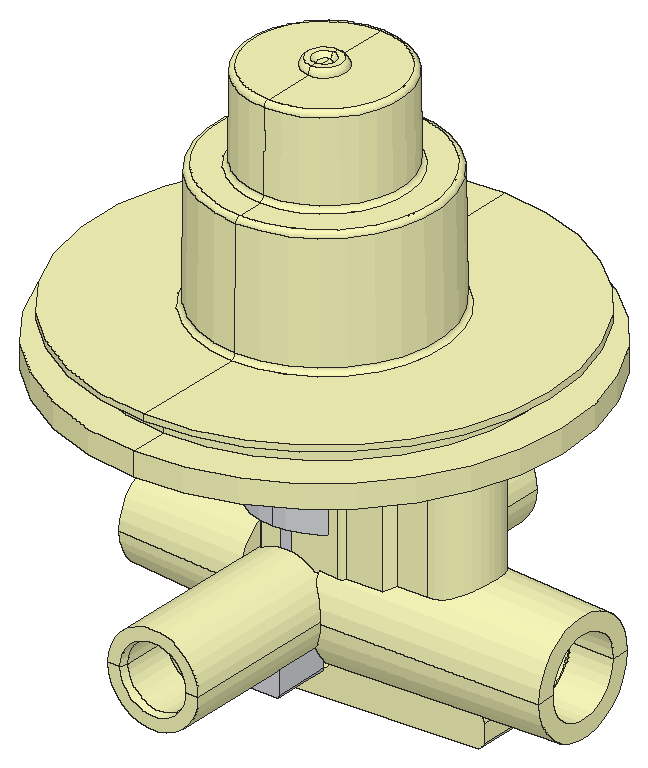
Revit family "S262BODY_ZV-1776", category Plumbing Fixtures, host Face, Revit 2019
Family settings
  Host = Face
  Round Connector Dimension = Use Diameter
  Part Type = Normal
  OmniClass Number = 23.65.55.00
  OmniClass Title = Distribution of Supplied Liquids/Gases
  Cut with Voids When Loaded = No
  Shared = No
  Room Calculation Point = No
Parameters (values of type "Satin Nickel")
  zz Text 2 = "None Selected"
  zz Text 1 = "None Selected"
  zz Length 9 [instance] = 4.000"  # constant formula
  zz Length 10 [instance] = 0.100"
  URL = "http://www.symmons.com/"
  Product Page URL = "http://www.symmons.com/Bathroom-Products/Dia/Symmons-Dia-Shower-Valve-3500-CYL-B.aspx"
  Product Material = Nickel - Symmons - Satin
  Product Documentation Link = "http://www.symmons.com/~/media/Files/Symmons/Products/Dia/3500CYL_Dia_sub.pdf"
  Part Number [instance] = Model  # "3500-CYL-B-STN"
  Part Description [instance] = Description  # "Shower Valve System with Symmons Temptrol mixing valve, Satin Nickel"
  Model Disclaimer = "Contact Symmons Industries, Inc. For More Information"  # constant formula
  Model = "3500-CYL-B-STN"
  Manufacturer = "Symmons Industries, Inc."  # constant formula
  Family Version = "1.0"  # constant formula
  Equipment Number [instance] = ""
  Equipment Abbreviation = "SVS"
  Description = "Shower Valve System with Symmons Temptrol mixing valve, Satin Nickel"
  Default Elevation = 0.000"  # constant formula
  Date Modified = "January 30, 2015"  # constant formula
  Date Created = "January 30, 2015"  # constant formula
  Copyright = "©2015 Symmons Industries, Inc."  # constant formula
Types (2): name | Product Material | Part Number | Part Description | Model | Description
  Chrome | Chrome - Symmons - Polished | "3500-CYL-B" | "Shower Valve System with Symmons Temptrol mixing valve,Chrome" | "3500-CYL-B" | "Shower Valve System with Symmons Temptrol mixing valve,Chrome"
  Satin Nickel | Nickel - Symmons - Satin | "3500-CYL-B-STN" | "Shower Valve System with Symmons Temptrol mixing valve, Satin Nickel" | "3500-CYL-B-STN" | "Shower Valve System with Symmons Temptrol mixing valve, Satin Nickel"
Reference planes (in)
  plane 1 "Center (Front/Back)": y = 0
  plane 2 "Center (Elevation)": z = 0
  plane 3 "Center (Left/Right)": x = 0
  plane 4: x = -2
  plane 5: y = 3.75
  plane 6: y = -3.75
  plane 7: x = 2
  plane 8: z = 0
  plane 9: x = 0.28006
  plane 10: x = -0.28006
  plane 11: y = -5.75
Forms (in)
  Revolve 1, solid, material "Nickel - Symmons - Satin" <- "Product Material"
    sketch origin (0, 0, 0) x (0, 1, 0) y (0, 0, 1)
      loop
        line (0, 2.21646) -> (-0.06803, 2.21646) -> (-0.11007, 2.2585) -> (-0.16644, 2.2585)
        spline (-0.16644, 2.2585) -> (-0.17219, 2.25393) -> (-0.17745, 2.24916) -> (-0.1822, 2.24419) -> (-0.18645, 2.23901) -> (-0.1902, 2.23363) -> (-0.19345, 2.22805) -> (-0.1962, 2.22226) -> (-0.19845, 2.21627) -> (-0.20021, 2.21008) -> (-0.20146, 2.20368) -> (-0.20221, 2.19708) -> (-0.20246, 2.19028)
        line (-0.20246, 2.19028) -> (-0.70043, 2.19028)
        arc (-0.70043, 2.19028) -> (-0.73555, 2.17573) -> (-0.7501, 2.14061) r 0.04967
        line (-0.7501, 2.14061) -> (-0.75627, 1.36063)
        arc (-0.75627, 1.36063) -> (-0.76874, 1.32795) -> (-0.79876, 1.31) r 0.05341
        line (-0.79876, 1.31) -> (-1.05243, 1.31)
        arc (-1.05243, 1.31) -> (-1.08764, 1.29542) -> (-1.10222, 1.26022) r 0.04978
        line (-1.10222, 1.26022) -> (-1.11339, 0.10988)
        arc (-1.11339, 0.10988) -> (-1.12597, 0.07687) -> (-1.15702, 0.06) r 0.05089
        line (-1.15702, 0.06) -> (-2.25, 0.06) -> (-2.25, 0) -> (-2, 0) -> (-2, -0.21664) -> (-2.375, -0.21664) -> (-2.375, -0.44664) -> (-2.01116, -0.44664) -> (0, -0.44664) -> (0, 2.21646)
      axis (0, -0.44664) -> (0, 2.2585)
    angle from 0 to 360
  Revolve 2, solid, material "Nickel - Symmons - Satin" <- "Product Material"
    sketch origin (0, 0, -2.36152) x (1, 0, 0) y (0, 1, 0)
      loop
        line (-0.32585, 2.08242) -> (-0.4499, 2.08242) -> (-0.4499, -2.13676) -> (-0.33011, -2.13676) -> (-0.31377, -2.05694) -> (-0.31377, -1.57676) -> (-0.24674, -1.57676) -> (-0.24674, 1.52553) -> (-0.31059, 1.52553) -> (-0.31059, 1.99593) -> (-0.32585, 2.08242)
      axis (0, 2.08242) -> (0, -2.13676)
    angle from 0 to 360
  Extrusion 3, solid, material "Nickel - Symmons - Satin" <- "Product Material"
    sketch origin (0, 0, 0) x (1, 0, 0) y (0, 1, 0)
      loop
        arc (1.33, -0.38045) -> (1.71045, 0) -> (1.33, 0.38045) r 0.38045
        line (1.33, 0.38045) -> (1.03901, 0.3957) -> (0.93948, 0.45317) -> (0.59137, 0.47142)
        arc (0.59137, 0.47142) -> (0.55902, 0.48425) -> (0.52451, 0.48861) r 0.13855
        line (0.52451, 0.48861) -> (-0.20004, 0.48861)
        arc (-0.20004, 0.48861) -> (-0.24735, 0.45867) -> (-0.2773, 0.41135) r 0.12767
        line (-0.2773, 0.41135) -> (-0.2773, -0.4269)
        arc (-0.2773, -0.4269) -> (-0.26542, -0.46457) -> (-0.23409, -0.48861) r 0.06567
        line (-0.23409, -0.48861) -> (0.52451, -0.48861)
        arc (0.52451, -0.48861) -> (0.55902, -0.48425) -> (0.59137, -0.47142) r 0.13855
        line (0.59137, -0.47142) -> (0.93948, -0.45317) -> (1.03901, -0.3957) -> (1.33, -0.38045)
    from -2.014 to -0.6861
  Extrusion 4, solid, material "Nickel - Symmons - Satin" <- "Product Material"
    sketch origin (0.03668, 0.08, 0) x (1, 0, 0) y (0, 0, 1)
      loop
        arc (-1.0218, -2.39274) -> (-1.00442, -2.43471) -> (-0.96245, -2.45209) r 0.05935
        line (-0.96245, -2.45209) -> (-0.46637, -2.48678)
        arc (-0.46637, -2.48678) -> (-0.4818, -2.35997) -> (-0.46649, -2.23315) r 0.53105
        line (-0.46649, -2.23315) -> (-0.95566, -2.26381)
        arc (-0.95566, -2.26381) -> (-1.00243, -2.28318) -> (-1.0218, -2.32995) r 0.06614
        line (-1.0218, -2.32995) -> (-1.0218, -2.39274)
    from -0.99821 to -0.40415
  Extrusion 5, void
    sketch origin (0.1148, 0.11906, 0) x (1, 0, 0) y (0, 1, 0)
      loop
        circle (-0.8499, 0.73145) r 0.08989
    from -2.66159 to -2.18107
  Revolve 6, solid
    sketch origin (0, 0, 0) x (1, 0, 0) y (0, 0, 1)
      loop
        line (0, -0.28563) -> (0, -1.74532)
        arc (0, -1.74532) -> (0.28854, -1.76853) -> (0.49432, -1.97212) r 0.42224
        line (0.49432, -1.97212) -> (0.49432, -0.35747) -> (0.53808, -0.35747)
        arc (0.53808, -0.35747) -> (0.51703, -0.30667) -> (0.46623, -0.28563) r 0.07184
        line (0.46623, -0.28563) -> (0, -0.28563)
      axis (0, -0.28563) -> (0, -1.97212)
    angle from 0 to 360
  Extrusion 7, solid, material "Nickel - Symmons - Satin" <- "Product Material"
    sketch origin (-0.03818, 0.05526, 0) x (1, 0, 0) y (0, 0, 1)
      loop
        arc (-0.31173, -2.64431) -> (-0.36837, -2.587) -> (-0.44617, -2.566) r 0.15454
        line (-0.44617, -2.566) -> (-0.64799, -2.566) -> (-0.64799, -2.85587)
        arc (-0.64799, -2.85587) -> (-0.5555, -3.07916) -> (-0.3322, -3.17166) r 0.31579
        line (-0.3322, -3.17166) -> (0.03827, -3.19107) -> (1.88242, -3.09442)
        arc (1.88242, -3.09442) -> (1.92041, -3.06916) -> (1.94567, -3.03118) r 0.11563
        line (1.94567, -3.03118) -> (1.94567, -2.85027)
        arc (1.94567, -2.85027) -> (1.92597, -2.80271) -> (1.87841, -2.78301) r 0.06726
        line (1.87841, -2.78301) -> (0.40624, -2.78301)
        arc (0.40624, -2.78301) -> (0.39298, -2.79548) -> (0.38809, -2.81302) r 0.03389
        line (0.38809, -2.81302) -> (0.38809, -2.87831)
        arc (0.38809, -2.87831) -> (0.37936, -2.8994) -> (0.35827, -2.90813) r 0.02982
        line (0.35827, -2.90813) -> (-0.28173, -2.90813)
        arc (-0.28173, -2.90813) -> (-0.30294, -2.89934) -> (-0.31173, -2.87813) r 0.03
        line (-0.31173, -2.87813) -> (-0.31173, -2.64431)
    from -0.33331 to 0.44318
  Extrusion 8, solid, material "Nickel - Symmons - Satin" <- "Product Material"
    sketch origin (0, 0, 0) x (0, 1, 0) y (0, 0, 1)
      loop
        arc (0.55414, -2.00919) -> (0.60349, -2.12687) -> (0.64698, -2.24684) r 2.59397
        line (0.64698, -2.24684) -> (0.8915, -2.19931)
        arc (0.8915, -2.19931) -> (0.86313, -2.13082) -> (0.85346, -2.05732) r 0.28399
        line (0.85346, -2.05732) -> (0.85346, -1.03164) -> (0.55414, -1.03164) -> (0.55414, -2.00919)
    from -0.45752 to 0.4577
  Extrusion 9, solid, material "Nickel - Symmons - Satin" <- "Product Material"
    sketch origin (-0.41486, -0.30632, 0.10336) x (0.503171, 0.864187, 0) y (0, 0, -1)
      loop
        line (-1.84208, 0.55) -> (-1.52948, 0.55) -> (-1.08356, 0.99592) -> (-1.08356, 1.135) -> (-1.15024, 1.135) -> (-1.84208, 0.55)
    from -0.24314 to -0.18365
  Extrusion 10, solid, material "Nickel - Symmons - Satin" <- "Product Material"
    sketch origin (-0.97725, -0.55182, 0.10336) x (0.769785, 0.638304, 0) y (0, 0, -1)
      loop
        line (-0.5069, 1.135) -> (-1.20408, 0.55) -> (-0.84895, 0.55) -> (-0.45408, 0.94488) -> (-0.45408, 1.135) -> (-0.5069, 1.135)
    from -0.24314 to -0.18365
  Revolve 11, solid
    sketch origin (0, 0, 0) x (0, 1, 0) y (0, 0, 1)
      loop
        line (0.00172, -0.44492) -> (-0.74975, -0.44492) -> (-0.74975, -0.74967)
        arc (-0.74975, -0.74967) -> (-0.73555, -0.78394) -> (-0.70129, -0.79813) r 0.04846
        line (-0.70129, -0.79813) -> (-0.65158, -0.79813) -> (-0.65158, -1.63719) -> (-0.48689, -1.70786) -> (-0.48689, -2.68475) -> (0.00172, -2.68475) -> (0.00172, -0.44492)
      axis (0.00172, -0.44492) -> (0.00172, -2.68475)
    angle from 0 to 360
  Extrusion 12, solid, material "Nickel - Symmons - Satin" <- "Product Material"
    sketch origin (0, 0, 0) x (1, 0, 0) y (0, 1, 0)
      loop
        arc (-1.13251, -0.78724) -> (-1.08783, -1.29794) -> (-0.57713, -1.25326) r 0.3625
        line (-0.57713, -1.25326) -> (-0.34193, -0.97297) -> (-0.40346, -0.94907) -> (-0.625, -1.21309)
        arc (-0.625, -1.21309) -> (-1.04765, -1.25007) -> (-1.08463, -0.82742) r 0.3
        line (-1.08463, -0.82742) -> (-0.86309, -0.56339) -> (-0.89731, -0.50695) -> (-1.13251, -0.78724)
      loop
        line (0.57613, 1.24754) -> (0.42378, 1.06597) -> (0.47165, 1.02579) -> (0.62401, 1.20737)
        arc (0.62401, 1.20737) -> (1.04666, 1.24434) -> (1.08364, 0.82169) r 0.3
        line (1.08364, 0.82169) -> (0.93128, 0.64012) -> (0.97916, 0.59994) -> (1.13152, 0.78152)
        arc (1.13152, 0.78152) -> (1.08684, 1.29222) -> (0.57613, 1.24754) r 0.3625
    from -1.03164 to -0.44664
  Extrusion 13, solid, material "Nickel - Symmons - Satin" <- "Product Material"
    sketch origin (0.2234, 0.46262, 0.10336) x (-0.765072, -0.643945, 0) y (0, 0, 1)
      loop
        line (-1.84208, -0.55) -> (-1.15024, -1.135) -> (-1.08356, -1.135) -> (-1.08356, -0.99592) -> (-1.52948, -0.55) -> (-1.84208, -0.55)
    from -0.24314 to -0.18365
  Extrusion 14, solid, material "Nickel - Symmons - Satin" <- "Product Material"
    sketch origin (0.36866, 1.06387, 0.10336) x (-0.499623, -0.866243, 0) y (0, 0, 1)
      loop
        line (-0.5069, -1.135) -> (-0.45408, -1.135) -> (-0.45408, -0.94488) -> (-0.84895, -0.55) -> (-1.20408, -0.55) -> (-0.5069, -1.135)
    from -0.24314 to -0.18365
  Extrusion 15, solid
    sketch origin (0, 0, 0) x (1, 0, 0) y (0, 1, 0)
      loop
        line (0.19162, 1.49859) -> (-0.19297, 1.49859)
        arc (-0.19297, 1.49859) -> (-0.21307, 1.49026) -> (-0.2214, 1.47016) r 0.02843
        line (-0.2214, 1.47016) -> (-0.24616, 0.9976)
        arc (-0.24616, 0.9976) -> (-0.25373, 0.97618) -> (-0.27173, 0.96231) r 0.0401
        arc (-0.27173, 0.96231) -> (-0.0012, 1.00026) -> (0.26932, 0.96231) r 0.98309
        arc (0.26932, 0.96231) -> (0.25356, 0.97197) -> (0.24679, 0.98917) r 0.02913
        line (0.24679, 0.98917) -> (0.22167, 1.46854)
        arc (0.22167, 1.46854) -> (0.21287, 1.48979) -> (0.19162, 1.49859) r 0.03004
    from -0.63962 to -0.44664
  Extrusion 16, void
    sketch origin (0.85041, 0.57334, 0) x (1, 0, 0) y (0, 1, 0)
      loop
        circle (-0.8499, 0.73145) r 0.08989
    from -0.76771 to -0.44664
  Extrusion 17, solid
    sketch origin (0, 0, 0) x (1, 0, 0) y (0, 1, 0)
      loop
        line (-0.22491, 1.64859) -> (-0.28491, 1.64859) -> (-0.28491, 1.09859) -> (-0.22491, 1.09859) -> (-0.22491, 1.64859)
      loop
        line (0.28509, 1.64859) -> (0.22509, 1.64859) -> (0.22509, 1.09859) -> (0.28509, 1.09859) -> (0.28509, 1.64859)
    from -0.76771 to -0.44664
  Extrusion 18, solid, material "Nickel - Symmons - Satin" <- "Product Material"
    sketch origin (0, 0, 0) x (1, 0, 0) y (0, 1, 0)
      loop
        arc (0.19162, -1.49859) -> (0.21555, -1.48671) -> (0.22056, -1.46047) r 0.03004
        line (0.22056, -1.46047) -> (0.2593, -0.72118)
        arc (0.2593, -0.72118) -> (0.26507, -0.70541) -> (0.27871, -0.69561) r 0.02856
        arc (0.27871, -0.69561) -> (-0.00067, -0.75009) -> (-0.28006, -0.69561) r 0.74364
        arc (-0.28006, -0.69561) -> (-0.26642, -0.70541) -> (-0.26065, -0.72118) r 0.02856
        line (-0.26065, -0.72118) -> (-0.2214, -1.47016)
        arc (-0.2214, -1.47016) -> (-0.21307, -1.49026) -> (-0.19297, -1.49859) r 0.02843
        line (-0.19297, -1.49859) -> (0.19162, -1.49859)
    from -0.63962 to -0.44664
  Extrusion 19, void
    sketch origin (0.85041, -0.57334, 0) x (1, 0, 0) y (0, 1, 0)
      loop
        circle (-0.8499, -0.73145) r 0.08989
    from -2.66159 to -2.18107
  Extrusion 20, solid, material "Nickel - Symmons - Satin" <- "Product Material"
    sketch origin (0, 0, 0) x (1, 0, 0) y (0, 1, 0)
      loop
        line (-0.22491, -1.64859) -> (-0.22491, -1.09859) -> (-0.28491, -1.09859) -> (-0.28491, -1.64859) -> (-0.22491, -1.64859)
      loop
        line (0.28509, -1.64859) -> (0.28509, -1.09859) -> (0.22509, -1.09859) -> (0.22509, -1.64859) -> (0.28509, -1.64859)
    from -0.76771 to -0.44664
  Revolve 21, solid, material "Nickel - Symmons - Satin" <- "Product Material"
    sketch origin (0, 0, -2.375) x (1, 0, 0) y (0, 1, 0)
      loop
        line (2.57725, -0.54661) -> (2.57725, -0.38213) -> (2.1423, -0.38213) -> (2.09826, -0.42617) -> (0.34939, -0.42617) -> (0.34939, -0.62441) -> (2.57725, -0.54661)
      axis (2.57725, 0) -> (0.34939, 0)
    angle from 0 to 360
  Revolve 22, solid, material "Nickel - Symmons - Satin" <- "Product Material"
    sketch origin (0, 0, -2.35938) x (1, 0, 0) y (0, 1, 0)
      loop
        line (-1.6857, -0.45251) -> (-0.43741, -0.51793) -> (-0.43741, -0.24583) -> (-1.1257, -0.24583) -> (-1.1257, -0.31361) -> (-1.60447, -0.31361) -> (-1.6857, -0.32794) -> (-1.6857, -0.45251)
      axis (-1.6857, 0) -> (-0.43741, 0)
    angle from 0 to 360
  Extrusion 23, solid
    sketch origin (0, 0, 0) x (1, 0, 0) y (0, 0, 1)
      loop
        line (-0.34991, -2.64431) -> (-0.34991, -2.87813)
        arc (-0.34991, -2.87813) -> (-0.34112, -2.89934) -> (-0.31991, -2.90813) r 0.03
        line (-0.31991, -2.90813) -> (0.32009, -2.90813)
        arc (0.32009, -2.90813) -> (0.34118, -2.8994) -> (0.34991, -2.87831) r 0.02982
        line (0.34991, -2.87831) -> (0.34991, -2.64431)
        arc (0.34991, -2.64431) -> (0, -2.81249) -> (-0.34991, -2.64431) r 0.44809
    from 0.45536 to 1
  Extrusion 24, void
    sketch origin (0.85041, -0.57334, 0) x (1, 0, 0) y (0, 1, 0)
      loop
        circle (-0.8499, -0.73145) r 0.08989
    from -0.76771 to -0.44664
  Extrusion 25, solid, not visible
    sketch origin (-1.6857, 0, -2.35938) x (0, 0, -1) y (0, -1, 0)
      loop
        circle (0, 0) r 0.45251
    from -0.309 to 0
Cuts and joins
  Extrusion 5, Extrusion 16 cuts Extrusion 4
  Extrusion 19 cuts Revolve 2
  Extrusion 16, Extrusion 24 cuts Extrusion 15
  Extrusion 24 cuts Revolve 1
  Extrusion 24 cuts Extrusion 18
Lines and regions (in)
  model lines
    curve 1: line (0, -2.30436, 0) -> (0, 2.30436, 0)
Dimensions and locks (in)
  equal spacing: plane 4, plane 3 "Center (Left/Right)", plane 7
  "zz Length 9": plane 4 to plane 7
  equal spacing: plane 5, plane 1 "Center (Front/Back)", plane 6
  locked: plane 5 to plane 6 at 7.5
  equal spacing: plane 10, plane 3 "Center (Left/Right)", plane 9
  locked: plane 10 to plane 9 at 0.56011
  locked: plane 6 to plane 11 at 2
  aligned and locked: plane 2 "Center (Elevation)" to host face
  aligned and locked: level to host face
Automatic sketch dimensions
  curve 1 to plane 3 "Center (Left/Right)" = 0.000"
  plane 6 to curve 1 = 1.44564"
  curve 1 to plane 5 = 1.44564"
  host sketch curve to host sketch curve = 4.000"  (x2)
  Revolve 1 sketch curve to level = 0.000"
  Revolve 1 sketch curve to plane 1 "Center (Front/Back)" = 0.000"  (x2)
  plane 1 "Center (Front/Back)" to Revolve 1 sketch curve = 0.06803"
  Revolve 1 sketch curve to Revolve 1 sketch curve = 0.04204"
  Revolve 1 sketch curve to Revolve 1 sketch curve = 0.05637"
  Revolve 1 sketch curve to Revolve 1 sketch curve = 0.03602"
  Revolve 1 sketch curve to Revolve 1 sketch curve = 0.49797"
  Revolve 1 sketch curve to Revolve 1 sketch curve = 0.04967"
  plane 1 "Center (Front/Back)" to Revolve 1 sketch curve = 0.75627"
  Revolve 1 sketch curve to Revolve 1 sketch curve = 0.04249"
  Revolve 1 sketch curve to Revolve 1 sketch curve = 0.05338"
  Revolve 1 sketch curve to Revolve 1 sketch curve = 0.25367"
  Revolve 1 sketch curve to Revolve 1 sketch curve = 0.04978"
  level to Revolve 1 sketch curve = 0.10988"
  plane 1 "Center (Front/Back)" to Revolve 1 sketch curve = 1.11339"
  Revolve 1 sketch curve to Revolve 1 sketch curve = 0.04363"
  Revolve 1 sketch curve to Revolve 1 sketch curve = 0.05089"
  Revolve 1 sketch curve to level = 0.21664"
  Revolve 1 sketch curve to Revolve 1 sketch curve = 0.84298"
  Revolve 1 sketch curve to Revolve 1 sketch curve = 0.01116"
  level to Revolve 1 sketch curve = 0.060"
  Revolve 1 sketch curve to Revolve 1 sketch curve = 0.250"  (x2)
  Revolve 1 sketch curve to Revolve 1 sketch curve = 0.36384"
  Revolve 1 sketch curve to Revolve 1 sketch curve = 0.230"
  Revolve 1 sketch curve to Revolve 1 sketch curve = 1.15034"
  Revolve 1 sketch curve to Revolve 1 sketch curve = 0.05063"
  Revolve 1 sketch curve to Revolve 1 sketch curve = 0.77997"
  Revolve 1 sketch curve to Revolve 1 sketch curve = 0.02618"
  Revolve 1 sketch curve to Revolve 1 sketch curve = 0.06822"
  Revolve 1 sketch curve to Revolve 1 sketch curve = 0.06846"
  Revolve 2 sketch curve to plane 3 "Center (Left/Right)" = 0.000"
  plane 10 to Revolve 2 sketch curve = 0.03332"
  Revolve 2 sketch curve to plane 10 = 0.03054"
  Revolve 2 sketch curve to plane 10 = 0.03372"
  Revolve 2 sketch curve to plane 10 = 0.04579"
  Revolve 2 sketch curve to plane 10 = 0.05006"
  Revolve 2 sketch curve to Revolve 2 sketch curve = 0.12405"
  plane 6 to Revolve 2 sketch curve = 1.61324"
  Revolve 2 sketch curve to Revolve 2 sketch curve = 0.07982"
  Revolve 2 sketch curve to Revolve 2 sketch curve = 0.48018"
  Revolve 2 sketch curve to plane 1 "Center (Front/Back)" = 1.52553"
  Revolve 2 sketch curve to Revolve 2 sketch curve = 0.4704"
  Revolve 2 sketch curve to Revolve 2 sketch curve = 0.0865"  (x2)
  Revolve 2 sketch curve to Revolve 2 sketch curve = 0.15851"
  plane 1 "Center (Front/Back)" to Extrusion 3 sketch curve = 0.000"
  plane 10 to Extrusion 3 sketch curve = 0.00276"
  plane 10 to Extrusion 3 sketch curve = 0.04597"
  Extrusion 3 sketch curve to Extrusion 3 sketch curve = 0.06567"
  plane 10 to Extrusion 3 sketch curve = 0.08002"
  plane 10 to Extrusion 3 sketch curve = 0.12298"
  plane 9 to Extrusion 3 sketch curve = 0.24445"  (x2)
  Extrusion 3 sketch curve to Extrusion 3 sketch curve = 0.06686"  (x2)
  Extrusion 3 sketch curve to Extrusion 3 sketch curve = 0.34811"  (x2)
  Extrusion 3 sketch curve to Extrusion 3 sketch curve = 0.09954"  (x2)
  Extrusion 3 sketch curve to Extrusion 3 sketch curve = 0.29099"
  plane 1 "Center (Front/Back)" to Extrusion 3 sketch curve = 0.35006"
  plane 1 "Center (Front/Back)" to Extrusion 3 sketch curve = 0.38045"
  Extrusion 3 sketch curve to Extrusion 3 sketch curve = 0.01525"  (x2)
  plane 1 "Center (Front/Back)" to Extrusion 3 sketch curve = 0.4269"
  Extrusion 3 sketch curve to Extrusion 3 sketch curve = 0.05747"  (x2)
  Extrusion 3 sketch curve to plane 1 "Center (Front/Back)" = 0.35006"
  Extrusion 3 sketch curve to plane 1 "Center (Front/Back)" = 0.36839"
  Extrusion 3 sketch curve to Extrusion 3 sketch curve = 0.04296"
  Extrusion 4 sketch curve to plane 10 = 0.70507"
  Extrusion 4 sketch curve to Extrusion 4 sketch curve = 0.05935"
  Extrusion 4 sketch curve to Extrusion 4 sketch curve = 0.06614"
  Extrusion 4 sketch curve to plane 10 = 0.14976"
  Extrusion 4 sketch curve to plane 10 = 0.14963"
  plane 3 "Center (Left/Right)" to Extrusion 4 sketch curve = 0.08594"
  Extrusion 4 sketch curve to level = 2.48678"
  Extrusion 4 sketch curve to Extrusion 4 sketch curve = 0.03469"
  Extrusion 4 sketch curve to Extrusion 4 sketch curve = 0.12707"
  Extrusion 4 sketch curve to Extrusion 4 sketch curve = 0.06279"
  Extrusion 5 sketch curve to plane 10 = 0.45504"
  Extrusion 5 sketch curve to plane 1 "Center (Front/Back)" = 0.85051"
  Revolve 6 sketch curve to plane 3 "Center (Left/Right)" = 0.000"  (x2)
  plane 3 "Center (Left/Right)" to Revolve 6 sketch curve = 0.11246"
  plane 9 to Revolve 6 sketch curve = 0.18618"
  Revolve 6 sketch curve to Revolve 6 sketch curve = 0.02809"
  Revolve 6 sketch curve to Revolve 6 sketch curve = 0.04376"
  Revolve 6 sketch curve to level = 2.1523"
  Revolve 6 sketch curve to Revolve 6 sketch curve = 0.18019"
  Revolve 6 sketch curve to level = 0.35747"
  Revolve 6 sketch curve to Revolve 6 sketch curve = 0.000"  (x2)
  Extrusion 7 sketch curve to plane 10 = 0.40612"
  Extrusion 7 sketch curve to plane 10 = 0.20429"
  Extrusion 7 sketch curve to plane 10 = 0.09033"
  Extrusion 7 sketch curve to Extrusion 7 sketch curve = 0.02047"
  Extrusion 7 sketch curve to plane 10 = 0.03985"
  plane 3 "Center (Left/Right)" to Extrusion 7 sketch curve = 0.00009"
  plane 9 to Extrusion 7 sketch curve = 0.04004"
  Extrusion 7 sketch curve to Extrusion 7 sketch curve = 0.02982"
  Extrusion 7 sketch curve to Extrusion 7 sketch curve = 0.01815"
  Extrusion 7 sketch curve to Extrusion 7 sketch curve = 0.03389"
  Extrusion 7 sketch curve to plane 7 = 0.19953"
  Extrusion 7 sketch curve to plane 7 = 0.15977"
  Extrusion 7 sketch curve to Extrusion 7 sketch curve = 0.04377"
  Extrusion 7 sketch curve to Extrusion 7 sketch curve = 0.06325"  (x2)
  Extrusion 7 sketch curve to level = 3.19107"
  Extrusion 7 sketch curve to Extrusion 7 sketch curve = 0.01942"
  Extrusion 7 sketch curve to Extrusion 7 sketch curve = 0.09665"
  Extrusion 7 sketch curve to Extrusion 7 sketch curve = 0.28294"
  Extrusion 7 sketch curve to Extrusion 7 sketch curve = 0.13714"
  Extrusion 7 sketch curve to Extrusion 7 sketch curve = 0.13533"
  Extrusion 7 sketch curve to Extrusion 7 sketch curve = 0.07623"
  plane 1 "Center (Front/Back)" to Extrusion 8 sketch curve = 1.81267"
  Extrusion 8 sketch curve to plane 1 "Center (Front/Back)" = 0.55414"
  Extrusion 8 sketch curve to Extrusion 8 sketch curve = 0.09284"
  Extrusion 8 sketch curve to Extrusion 8 sketch curve = 0.29931"
  Extrusion 8 sketch curve to Extrusion 8 sketch curve = 0.03805"
  Extrusion 8 sketch curve to Extrusion 8 sketch curve = 0.28399"
  Extrusion 8 sketch curve to level = 3.07074"
  Extrusion 8 sketch curve to level = 2.24684"
  Extrusion 8 sketch curve to Extrusion 8 sketch curve = 0.04753"
  Extrusion 8 sketch curve to Extrusion 8 sketch curve = 0.97755"
  Extrusion 9 sketch curve to level = 0.44664"
  Extrusion 9 sketch curve to Extrusion 9 sketch curve = 0.3126"
  Extrusion 9 sketch curve to Extrusion 9 sketch curve = 0.37924"
  Extrusion 9 sketch curve to Extrusion 9 sketch curve = 0.06667"
  Extrusion 9 sketch curve to Extrusion 9 sketch curve = 0.44591"
  Extrusion 9 sketch curve to Extrusion 9 sketch curve = 0.13909"
  Extrusion 10 sketch curve to level = 0.44664"
  Extrusion 10 sketch curve to Extrusion 10 sketch curve = 0.35512"
  Extrusion 10 sketch curve to Extrusion 10 sketch curve = 0.34205"
  Extrusion 10 sketch curve to Extrusion 10 sketch curve = 0.05282"
  Extrusion 10 sketch curve to Extrusion 10 sketch curve = 0.39488"
  Extrusion 10 sketch curve to Extrusion 10 sketch curve = 0.19012"
  plane 1 "Center (Front/Back)" to Revolve 11 sketch curve = 0.74975"
  Revolve 11 sketch curve to Revolve 11 sketch curve = 0.04846"
  plane 1 "Center (Front/Back)" to Revolve 11 sketch curve = 0.65158"
  Revolve 11 sketch curve to Revolve 11 sketch curve = 0.16469"
  Revolve 11 sketch curve to plane 1 "Center (Front/Back)" = 0.00172"  (x2)
  Revolve 11 sketch curve to level = 2.68475"
  Revolve 11 sketch curve to Revolve 11 sketch curve = 0.97689"
  Revolve 11 sketch curve to Revolve 11 sketch curve = 0.07067"
  Revolve 11 sketch curve to level = 0.79813"
  Revolve 11 sketch curve to level = 0.44492"
  Revolve 11 sketch curve to Revolve 11 sketch curve = 0.585"
  Revolve 11 sketch curve to Revolve 11 sketch curve = 0.000"
  Extrusion 12 sketch curve to Extrusion 12 sketch curve = 0.000"  (x4)
  Extrusion 12 sketch curve to plane 10 = 0.85245"
  Extrusion 12 sketch curve to Extrusion 12 sketch curve = 0.04788"  (x6)
  Extrusion 12 sketch curve to Extrusion 12 sketch curve = 0.23519"
  Extrusion 12 sketch curve to Extrusion 12 sketch curve = 0.03422"
  Extrusion 12 sketch curve to Extrusion 12 sketch curve = 0.22981"  (x3)
  Extrusion 12 sketch curve to plane 10 = 0.12341"
  Extrusion 12 sketch curve to plane 10 = 0.06188"
  plane 9 to Extrusion 12 sketch curve = 0.14372"
  Extrusion 12 sketch curve to Extrusion 12 sketch curve = 0.15236"  (x2)
  Extrusion 12 sketch curve to Extrusion 12 sketch curve = 0.07745"
  Extrusion 12 sketch curve to plane 1 "Center (Front/Back)" = 0.59994"
  plane 1 "Center (Front/Back)" to Extrusion 12 sketch curve = 0.50695"
  Extrusion 12 sketch curve to Extrusion 12 sketch curve = 0.05645"
  Extrusion 12 sketch curve to Extrusion 12 sketch curve = 0.22385"
  Extrusion 12 sketch curve to Extrusion 12 sketch curve = 0.04017"  (x2)
  Extrusion 12 sketch curve to Extrusion 12 sketch curve = 0.38567"
  Extrusion 12 sketch curve to Extrusion 12 sketch curve = 0.0239"
  Extrusion 12 sketch curve to Extrusion 12 sketch curve = 0.19284"  (x2)
  Extrusion 13 sketch curve to level = 0.44664"
  Extrusion 13 sketch curve to Extrusion 13 sketch curve = 0.3126"
  Extrusion 13 sketch curve to Extrusion 13 sketch curve = 0.37924"
  Extrusion 13 sketch curve to Extrusion 13 sketch curve = 0.06667"
  Extrusion 13 sketch curve to Extrusion 13 sketch curve = 0.44591"
  Extrusion 13 sketch curve to Extrusion 13 sketch curve = 0.13909"
  Extrusion 14 sketch curve to level = 0.44664"
  Extrusion 14 sketch curve to Extrusion 14 sketch curve = 0.35512"
  Extrusion 14 sketch curve to Extrusion 14 sketch curve = 0.34205"
  Extrusion 14 sketch curve to Extrusion 14 sketch curve = 0.05282"
  Extrusion 14 sketch curve to Extrusion 14 sketch curve = 0.39488"
  Extrusion 14 sketch curve to Extrusion 14 sketch curve = 0.19012"
  Extrusion 15 sketch curve to plane 10 = 0.00615"
  plane 10 to Extrusion 15 sketch curve = 0.03389"
  plane 10 to Extrusion 15 sketch curve = 0.05866"
  Extrusion 15 sketch curve to Extrusion 15 sketch curve = 0.02843"
  Extrusion 15 sketch curve to plane 3 "Center (Left/Right)" = 0.0012"
  Extrusion 15 sketch curve to plane 9 = 0.08843"
  Extrusion 15 sketch curve to Extrusion 15 sketch curve = 0.03004"
  Extrusion 15 sketch curve to plane 9 = 0.03327"
  Extrusion 15 sketch curve to plane 9 = 0.00418"
  Extrusion 15 sketch curve to plane 1 "Center (Front/Back)" = 0.01718"
  Extrusion 15 sketch curve to plane 1 "Center (Front/Back)" = 0.98917"
  Extrusion 15 sketch curve to Extrusion 15 sketch curve = 0.00152"
  Extrusion 15 sketch curve to Extrusion 15 sketch curve = 0.00844"
  Extrusion 15 sketch curve to Extrusion 15 sketch curve = 0.0021"
  Extrusion 15 sketch curve to Extrusion 15 sketch curve = 0.47938"
  plane 10 to Extrusion 15 sketch curve = 0.00833"
  plane 3 "Center (Left/Right)" to Extrusion 16 sketch curve = 0.00051"
  Extrusion 16 sketch curve to plane 1 "Center (Front/Back)" = 1.30478"
  Extrusion 17 sketch curve to plane 10 = 0.00485"
  plane 10 to Extrusion 17 sketch curve = 0.05515"
  Extrusion 17 sketch curve to plane 9 = 0.05496"
  plane 9 to Extrusion 17 sketch curve = 0.00504"
  Extrusion 17 sketch curve to plane 1 "Center (Front/Back)" = 1.09859"
  Extrusion 17 sketch curve to Extrusion 17 sketch curve = 0.000"  (x2)
  Extrusion 17 sketch curve to Extrusion 17 sketch curve = 0.550"
  Extrusion 18 sketch curve to plane 10 = 0.000"
  plane 10 to Extrusion 18 sketch curve = 0.00912"
  Extrusion 18 sketch curve to plane 10 = 0.0194"
  Extrusion 18 sketch curve to plane 10 = 0.05866"
  Extrusion 18 sketch curve to Extrusion 18 sketch curve = 0.02843"
  plane 3 "Center (Left/Right)" to Extrusion 18 sketch curve = 0.00067"
  plane 9 to Extrusion 18 sketch curve = 0.08843"
  Extrusion 18 sketch curve to Extrusion 18 sketch curve = 0.02894"
  plane 9 to Extrusion 18 sketch curve = 0.02075"
  Extrusion 18 sketch curve to plane 9 = 0.00777"
  Extrusion 18 sketch curve to plane 1 "Center (Front/Back)" = 0.00645"
  Extrusion 18 sketch curve to plane 1 "Center (Front/Back)" = 0.72118"
  Extrusion 18 sketch curve to Extrusion 18 sketch curve = 0.000"
  Extrusion 18 sketch curve to Extrusion 18 sketch curve = 0.00149"  (x2)
  Extrusion 18 sketch curve to Extrusion 18 sketch curve = 0.73928"
  Extrusion 18 sketch curve to Extrusion 18 sketch curve = 0.00808"
  Extrusion 19 sketch curve to plane 3 "Center (Left/Right)" = 0.00051"
  Extrusion 19 sketch curve to plane 1 "Center (Front/Back)" = 1.30478"
  plane 10 to Extrusion 20 sketch curve = 0.00485"
  Extrusion 20 sketch curve to plane 10 = 0.05515"
  plane 9 to Extrusion 20 sketch curve = 0.05496"
  Extrusion 20 sketch curve to plane 9 = 0.00504"
  Extrusion 20 sketch curve to plane 1 "Center (Front/Back)" = 1.09859"
  Extrusion 20 sketch curve to Extrusion 20 sketch curve = 0.000"  (x2)
  Extrusion 20 sketch curve to Extrusion 20 sketch curve = 0.550"
  plane 1 "Center (Front/Back)" to Revolve 21 sketch curve = 0.000"
  plane 9 to Revolve 21 sketch curve = 0.06934"
  plane 7 to Revolve 21 sketch curve = 0.09826"
  Revolve 21 sketch curve to Revolve 21 sketch curve = 0.04404"
  Revolve 21 sketch curve to Revolve 21 sketch curve = 0.43495"
  plane 1 "Center (Front/Back)" to Revolve 21 sketch curve = 0.38213"
  plane 1 "Center (Front/Back)" to Revolve 21 sketch curve = 0.42617"
  Revolve 21 sketch curve to Revolve 21 sketch curve = 0.16448"
  Revolve 21 sketch curve to Revolve 21 sketch curve = 0.19824"
  plane 7 to Revolve 21 sketch curve = 0.38141"
  Revolve 21 sketch curve to Revolve 21 sketch curve = 0.19584"
  plane 1 "Center (Front/Back)" to Revolve 22 sketch curve = 0.000"
  plane 4 to Revolve 22 sketch curve = 0.3143"  (x2)
  Revolve 22 sketch curve to Revolve 22 sketch curve = 0.08123"
  Revolve 22 sketch curve to Revolve 22 sketch curve = 0.47877"
  Revolve 22 sketch curve to plane 10 = 0.15736"
  plane 1 "Center (Front/Back)" to Revolve 22 sketch curve = 0.24583"
  plane 1 "Center (Front/Back)" to Revolve 22 sketch curve = 0.31361"
  Revolve 22 sketch curve to Revolve 22 sketch curve = 0.01432"
  Revolve 22 sketch curve to Revolve 22 sketch curve = 0.12457"
  Revolve 22 sketch curve to Revolve 22 sketch curve = 0.2721"
  Revolve 22 sketch curve to Revolve 22 sketch curve = 0.1791"
  Extrusion 23 sketch curve to plane 3 "Center (Left/Right)" = 0.000"
  Extrusion 23 sketch curve to plane 10 = 0.03985"
  Extrusion 23 sketch curve to Extrusion 23 sketch curve = 0.030"
  plane 9 to Extrusion 23 sketch curve = 0.04004"
  Extrusion 23 sketch curve to Extrusion 23 sketch curve = 0.02982"
  Extrusion 23 sketch curve to level = 2.90813"
  Extrusion 23 sketch curve to Extrusion 23 sketch curve = 0.234"
  Extrusion 23 sketch curve to Extrusion 23 sketch curve = 0.27991"
  Extrusion 24 sketch curve to plane 3 "Center (Left/Right)" = 0.00051"
  Extrusion 24 sketch curve to plane 1 "Center (Front/Back)" = 1.30478"
  radius of Extrusion 5 sketch curve = 0.08989"
  radius of Extrusion 16 sketch curve = 0.08989"
  radius of Extrusion 19 sketch curve = 0.08989"
  radius of Extrusion 24 sketch curve = 0.08989"
  radius of Extrusion 25 sketch curve to Revolve 22 = 0.000"
Connectors (in)
  piping at (0, 2.08242, -2.36152), diameter 0.5
    settings: on Revolve 2, index 3, connector inside diameter 24", connector length 0.000", flow factor 0, pipe flow 0 GPM, pressure drop 0.00 psi, fitting loss kfactor 0, connector angle 0.000°, fixture units 0, engagement length 0.000", angle of deflection 0.000°, flow configuration 0, flow direction 0, fitting loss method 0, system type 20, joint type 0, gender type 0, connector reference index -1, connector utility 0, adjustable connector no, is connector primary yes, connector description "Cold Water Supply"
  piping at (0, -2.13676, -2.36152), diameter 0.5
    settings: on cut or joined group of Revolve 2, Extrusion 19, index 5, connector inside diameter 24", connector length 0.000", flow factor 0, pipe flow 0 GPM, pressure drop 0.00 psi, fitting loss kfactor 0, connector angle 0.000°, fixture units 0, engagement length 0.000", angle of deflection 0.000°, flow configuration 0, flow direction 0, fitting loss method 0, system type 19, joint type 0, gender type 0, connector reference index -1, connector utility 0, adjustable connector no, is connector primary no, connector description "Hot Water Supply"
  piping at (2.57725, 0, -2.375), diameter 0.5
    settings: on Revolve 21, index 6, connector inside diameter 24", connector length 0.000", flow factor 0, pipe flow 0 GPM, pressure drop 0.00 psi, fitting loss kfactor 0, connector angle 0.000°, fixture units 0, engagement length 0.000", angle of deflection 0.000°, flow configuration 0, flow direction 0, fitting loss method 0, system type 22, joint type 0, gender type 0, connector reference index -1, connector utility 0, adjustable connector no, is connector primary no, connector description "Tub Spout Supply"
  piping at (-1.6857, 0, -2.35938), diameter 0.5
    settings: on Extrusion 25, index 7, connector inside diameter 24", connector length 0.000", flow factor 0, pipe flow 0 GPM, pressure drop 0.00 psi, fitting loss kfactor 0, connector angle 0.000°, fixture units 0, engagement length 0.000", angle of deflection 0.000°, flow configuration 0, flow direction 0, fitting loss method 0, system type 22, joint type 0, gender type 0, connector reference index -1, connector utility 0, adjustable connector no, is connector primary no, connector description "Shower Head Supply"
